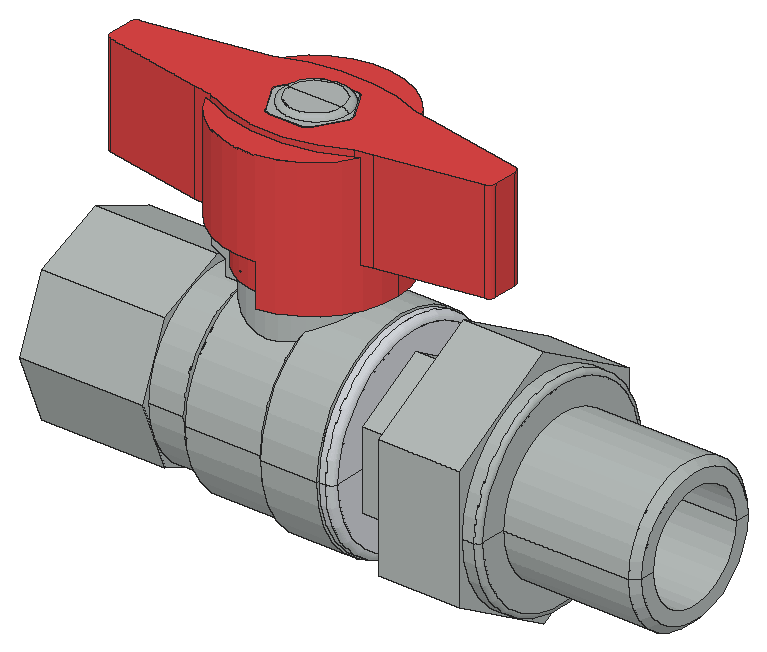
Revit family "QD02730000", category Apparecchi idraulici, Revit 2020
Family settings
  Quota connettore circolare = Usa diametro
  Tipo di parte = Normale
  Numero OmniClass = 23.45.00.00
  Titolo OmniClass = Sanitary, Laundry, and Cleaning Equipment
  Basato su piano di lavoro = No
  Sempre verticale = Sì
  Taglio con vuoti quando caricato = No
  Condiviso = No
  Punto di calcolo locali = No
Parameters
  URL = "https://web.cimberio.it/index.php/figura/1382?subcategoria_id=43096"
  Temperatura di esercizio = "-20 ÷ 120°C"
  Prospetto di default = 0 mm
  Produttore = "CIMBERIO SPA"
  Pressione nominale = "PN 32"
  Modello = "Cim 346/16"
  Materiale = "Prodotto in lega di ottone conforme alla norma EN 12165-CW617N-DW nelle misure fino a 4\" e in lega di bronzo conforme alla norma EN 1982-CC491K nelle misure da 5\" e 6\""
  Descrizione = "Utilizzato nei più svariati settori dell'impiantistica: impianti di riscaldamento, condizionamento, idrici, igienico-sanitari, aria compressa, reti di distribuzione oli, benzine, vapore saturo e in generale con ogni fluido non corrosivo"
  DN Model [instance] = QD02732102 : QD02732102
  DN [instance] = 15 mm
  Commenti sul tipo = "Realizzato in ottemperanza ai requisiti gestionali della norma EN ISO 9001.\r\nCollaudato al 100% secondo la normativa EN 12266-1"
Reference planes
  plane 1 "Centro (Fronte/Retro)": y = 0
  plane 2: z = 0
  plane 3 "Centro (Sinistra/Destra)": x = 0
Dimensions and locks
  aligned and locked: level to plane 2
Nested families
  nested 1: "QD02732102" at (0, 0, 0), type <- "DN Model", type "QD02732102"
  nested 2: "QD02732102" at (0, 0, 0), type <- "DN Model", type "QD02732102"
  nested 3: "QD02732102" at (0, 0, 0), type <- "DN Model", type "QD02732102"
  nested 4: "QD02732102" at (0, 0, 0), type <- "DN Model", type "QD02732102"
Connectors
  piping at (54.5, 0, 0), diameter 15, driven by "DN"
    settings: on nested 1, index 1, connector inside diameter 609.6 mm, connector length 0 mm, flow factor 0, pipe flow 0.0 L/s, pressure drop 0.0 Pa, fitting loss kfactor 0, connector angle 0.00°, fixture units 0, engagement length 0 mm, angle of deflection 0.00°, flow configuration 0, flow direction 0, fitting loss method 0, system type 7, joint type 0, gender type 0, connector reference index -1, connector utility 0, adjustable connector no, is connector primary yes, connector description ""
  piping at (-31, 0, 0), diameter 15, driven by "DN"
    settings: on nested 1, index 2, connector inside diameter 609.6 mm, connector length 0 mm, flow factor 0, pipe flow 0.0 L/s, pressure drop 0.0 Pa, fitting loss kfactor 0, connector angle 0.00°, fixture units 0, engagement length 0 mm, angle of deflection 0.00°, flow configuration 0, flow direction 0, fitting loss method 0, system type 7, joint type 0, gender type 0, connector reference index -1, connector utility 0, adjustable connector no, is connector primary no, connector description ""
Definition of nested family "QD02732102"
  Parameters (values of type "QD02732102")
    Default Elevation = 0 mm
  Reference planes
    plane 1 "Centro (Fronte/Retro)": y = 0
    plane 2: z = 0
    plane 3 "Centro (Sinistra/Destra)": x = 0
  Forms (mm)
    Extrusion 1, solid
      sketch origin (0, 0, 0) x (0, 1, 0) y (0, 0, 1)
        loop
          circle (0, 0) r 7.5
        loop
          line (0, 17.4) -> (-15.069, 8.7) -> (-15.069, -8.7) -> (0, -17.4) -> (15.069, -8.7) -> (15.069, 8.7) -> (0, 17.4)
      from 21.5 to 33
    Revolve 2, solid
      sketch origin (0, 0, -2.5) x (1, 0, 0) y (0, 0, 1)
        loop
          line (0.065, 27.317) -> (0.065, 10.2) -> (8.5, 10.2) -> (8.5, 20.16)
          arc (8.5, 20.16) -> (8.86, 20.393) -> (9, 20.8) r 0.66
          line (9, 20.8) -> (9, 27.317) -> (0.065, 27.317)
        axis (0.065, 27.317) -> (0.065, 10.2)
      angle from 0 to 360
    Extrusion 3, solid
      sketch origin (0, 0, -5.312) x (1, 0, 0) y (0, 0, 1)
        loop
          line (-13, 26.3) -> (-13, 21) -> (-11, 19.845) -> (-11, 10.135) -> (-7.793, 10.135) -> (-7.793, 26.3) -> (-13, 26.3)
      from 0 to 1.742
    Revolve 4, solid
      sketch origin (0, 0, 0) x (1, 0, 0) y (0, 0, 1)
        loop
          line (0, 28.8) -> (-5.984, 28.8) -> (-7.003, 28.281) -> (-7.003, 26.625) -> (0, 26.625) -> (0, 28.8)
        axis (0, 28.8) -> (0, 26.625)
      angle from 0 to 360
    Revolve 5, solid
      sketch origin (0, 0, -5.625) x (1, 0, 0) y (0, 0, 1)
        loop
          line (0, 42.425) -> (-12.25, 42.425) -> (-12.25, 22.8) -> (-7.25, 22.8) -> (-7.25, 33.512) -> (0, 33.512) -> (0, 42.425)
        axis (0, 42.425) -> (0, 22.8)
      angle from 0 to 360
    Extrusion 6, solid
      sketch origin (0, 0, 0) x (1, 0, 0) y (0, 1, 0)
        loop
          line (5.462, 0.547) -> (3.193, 4.475)
          arc (3.193, 4.475) -> (2.807, 4.862) -> (2.279, 5.003) r 1.056
          line (2.279, 5.003) -> (-2.264, 5.003)
          arc (-2.264, 5.003) -> (-2.805, 4.858) -> (-3.201, 4.462) r 1.082
          line (-3.201, 4.462) -> (-5.46, 0.55)
          arc (-5.46, 0.55) -> (-5.607, 0) -> (-5.46, -0.55) r 1.1
          line (-5.46, -0.55) -> (-3.2, -4.464)
          arc (-3.2, -4.464) -> (-2.805, -4.859) -> (-2.266, -5.003) r 1.078
          line (-2.266, -5.003) -> (2.25, -5.003)
          arc (2.25, -5.003) -> (2.803, -4.855) -> (3.208, -4.45) r 1.106
          line (3.208, -4.45) -> (5.462, -0.547)
          arc (5.462, -0.547) -> (5.608, 0) -> (5.462, 0.547) r 1.093
      from 37.6 to 36.8
    Revolve 7, solid
      sketch origin (0, 0.517, -13.652) x (1, 0, 0) y (0, 0, 1)
        loop
          line (0, 51.8) -> (0, 49.682) -> (4.75, 49.682) -> (4.75, 50.8)
          arc (4.75, 50.8) -> (4.457, 51.507) -> (3.75, 51.8) r 1
          line (3.75, 51.8) -> (0, 51.8)
        axis (0, 51.8) -> (0, 49.682)
      angle from 0 to 360
    Revolve 8, solid
      sketch origin (3.106, 0, 0) x (1, 0, 0) y (0, 1, 0)
        loop
          line (29.893, 7.5) -> (32.4, 7.5) -> (32.4, 14.036)
          arc (32.4, 14.036) -> (32.206, 14.539) -> (31.708, 14.75) r 0.692
          line (31.708, 14.75) -> (29.893, 14.75) -> (29.893, 7.5)
        axis (29.893, 0) -> (32.4, 0)
      angle from 0 to 360
    Revolve 9, solid
      sketch origin (3.1, 0, 0) x (1, 0, 0) y (0, 1, 0)
        loop
          line (32.357, 10.45) -> (32.357, 7.5) -> (51.4, 7.5) -> (51.4, 9.45) -> (50.328, 10.45) -> (32.357, 10.45)
        axis (32.357, 0) -> (51.4, 0)
      angle from 0 to 360
    Extrusion 10, void
      sketch origin (0, 0, -5.625) x (1, 0, 0) y (0, 1, 0)
        loop
          line (-9.25, 0) -> (-13, 0)
          arc (-13, 0) -> (-8.608, -9.742) -> (1.6, -12.901) r 13
          line (1.6, -12.901) -> (1.6, -9.111)
          arc (1.6, -9.111) -> (-5.948, -7.084) -> (-9.25, 0) r 9.25
      from 22.265 to 28.8
    Extrusion 11, solid
      sketch origin (0, 0, 0) x (0, 1, 0) y (0, 0, 1)
        loop
          circle (0, 0) r 7.5
        loop
          line (0, 13.5) -> (-9.546, 9.546) -> (-13.5, 0) -> (-9.546, -9.546) -> (0, -13.5) -> (9.546, -9.546) -> (13.5, 0) -> (9.546, 9.546) -> (0, 13.5)
      from -31 to -13.5
    Extrusion 12, solid
      sketch origin (0, 0, 0) x (1, 0, 0) y (0, 1, 0)
        loop
          arc (-26.674, 2.646) -> (-27.266, 2.304) -> (-27.5, 1.661) r 1
          line (-27.5, 1.661) -> (-27.5, -1.661)
          arc (-27.5, -1.661) -> (-27.266, -2.304) -> (-26.674, -2.646) r 1
          line (-26.674, -2.646) -> (-12.674, -5.114) -> (-10.29, -5.535)
          arc (-10.29, -5.535) -> (0, -8.254) -> (10.29, -5.535) r 20.828
          line (10.29, -5.535) -> (12.674, -5.114) -> (26.674, -2.646)
          arc (26.674, -2.646) -> (27.266, -2.304) -> (27.5, -1.661) r 1
          line (27.5, -1.661) -> (27.5, 1.661)
          arc (27.5, 1.661) -> (27.266, 2.304) -> (26.674, 2.646) r 1
          line (26.674, 2.646) -> (12.674, 5.114) -> (10.29, 5.535)
          arc (10.29, 5.535) -> (0, 7.755) -> (-10.29, 5.535) r 24.95
          line (-10.29, 5.535) -> (-12.674, 5.114) -> (-26.674, 2.646)
        loop
          line (-3.201, 4.462) -> (-5.46, 0.55)
          arc (-5.46, 0.55) -> (-5.607, 0) -> (-5.46, -0.55) r 1.1
          line (-5.46, -0.55) -> (-3.2, -4.464)
          arc (-3.2, -4.464) -> (-2.805, -4.859) -> (-2.266, -5.003) r 1.078
          line (-2.266, -5.003) -> (2.25, -5.003)
          arc (2.25, -5.003) -> (2.803, -4.855) -> (3.208, -4.45) r 1.106
          line (3.208, -4.45) -> (5.462, -0.547)
          arc (5.462, -0.547) -> (5.608, 0) -> (5.462, 0.547) r 1.093
          line (5.462, 0.547) -> (3.193, 4.475)
          arc (3.193, 4.475) -> (2.807, 4.862) -> (2.279, 5.003) r 1.056
          line (2.279, 5.003) -> (-2.264, 5.003)
          arc (-2.264, 5.003) -> (-2.805, 4.858) -> (-3.201, 4.462) r 1.082
      from 23.175 to 37.6
    Revolve 13, solid
      sketch origin (0, 0, 0) x (-1, 0, 0) y (0, -1, 0)
        loop
          line (-12.6, -7.5) -> (-12.6, -15) -> (-4.6, -15) -> (-3.7, -14.1) -> (6.9, -14.1) -> (8.5, -12.5) -> (13.5, -12.5) -> (13.5, -7.5) -> (-12.6, -7.5)
        axis (-12.6, 0) -> (13.5, 0)
      angle from 0 to 360
    Revolve 14, solid
      sketch origin (0, 0, 0) x (1, 0, 0) y (0, 1, 0)
        loop
          line (12.6, 7.5) -> (14.6, 7.5) -> (14.6, 13.75)
          arc (14.6, 13.75) -> (14.307, 14.457) -> (13.6, 14.75) r 1
          line (13.6, 14.75) -> (12.6, 14.75) -> (12.6, 7.5)
        axis (12.6, 0) -> (14.6, 0)
      angle from 0 to 360
    Extrusion 15, solid
      sketch origin (0, 0, 0) x (0, 1, 0) y (0, 0, 1)
        loop
          circle (0, 0) r 7.5
        loop
          line (0, 11) -> (-9.526, 5.5) -> (-9.526, -5.5) -> (0, -11) -> (9.526, -5.5) -> (9.526, 5.5) -> (0, 11)
      from 14.6 to 21.5
  Cuts and joins
    Extrusion 10 cuts Revolve 5
    joined: Revolve 5, Extrusion 12
  Dimensions and locks
    aligned and locked: level to plane 2
